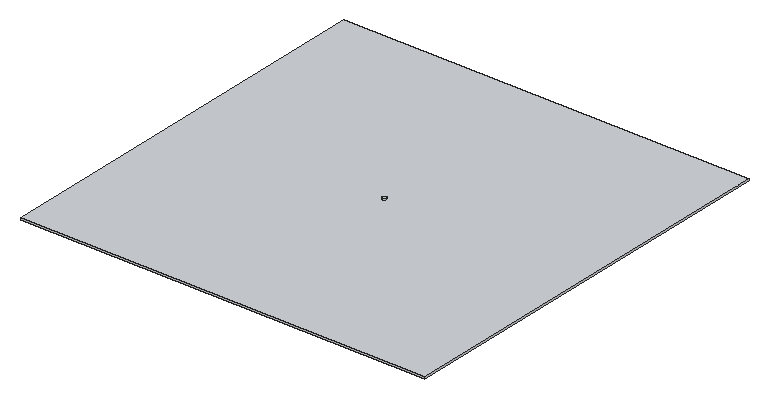
Revit family "GPC-CWFU", category Plumbing Equipment, host Face, Revit 2025
Family settings
  Host = Face
  Round Connector Dimension = Use Radius
  Classification = None
  Part Type = Normal
  OmniClass Number = 23.45.05.21.11.11
  OmniClass Title = Water Operated Water Closets
  Cut with Voids When Loaded = No
  Maintain Annotation Orientation = No
  Shared = No
  Room Calculation Point = No
Parameters (values of type "6 UDG")
  WFU = 3
  HWFU = 0
  Flow Pressure [instance] = 25.00 psi
  Cold Water Diameter [instance] = Cold Water Radius * 2  # 1"
  Cold Water Radius = 1/2"
  Pipe Material = none
  Default Elevation = 1' - 5"
  CWFU = 6
  Assembly Code = ""
Types (12): name | WFU | CWFU
  6 UDG | 3 | 6
  10 UDG | 4 | 10
  3 UDG | 3 | 3
  4.5 UDG | 3 | 4.5
  5 UDG | 3 | 5
  2 UDG | 3 | 2
  1 UDG | 3 | 1
  1.5 UDG | 3 | 1.5
  Public - 1.6 gpf | 4 | 10
  Private - 1.6 gpf | 3 | 6
  Private - Flushing Greater than 1.6 gpf | 4 | 6
  Public - Flushing Greater than 1.6 gpf | 6 | 10
Reference planes (in)
  plane 1 "Center (Front/Back)": y = 0
  plane 2: z = 0
  plane 3 "Center (Left/Right)": x = 0
Forms (in)
  Extrusion 1, solid
    sketch origin (0, 0, 0) x (1, 0, 0) y (0, 1, 0)
      loop
        line (-48, 48) -> (-48, -48) -> (48, -48) -> (48, 48) -> (-48, 48)
    from 0 to -0.39453
  Extrusion 2, solid, material <- "Pipe Material"
    sketch origin (15.94107, -25.42564, 0) x (0, 1, 0) y (-1, 0, 0)
      loop
        circle (25.42564, 15.94107) r 0.5
    from 0.11719 to 0
Lines and regions (in)
  reference lines
    curve 1: line (2.5, -7.75857, 0) -> (-2.5, -7.75857, 0)
    curve 2: line (0, -12.25857, 0) -> (0, 2.24143, 0)
Dimensions and locks (in)
  plane 1 "Center (Front/Back)" to Extrusion 2 = 0' - 0"
  "Cold Water Radius": radius of Extrusion 2 sketch curve
  aligned and locked: plane 2 to Extrusion 1
  aligned and locked: level to Extrusion 1
Automatic sketch dimensions
  Extrusion 1 sketch curve to Extrusion 1 sketch curve = 8' - 0"  (x2)
  curve 2 to plane 3 "Center (Left/Right)" = 0' - 0"
  plane 1 "Center (Front/Back)" to curve 2 = 1' - 0.25857"
  curve 1 to plane 3 "Center (Left/Right)" = 0' - 2 1/2"
  curve 2 to curve 1 = 0' - 4 1/2"
  curve 2 to plane 1 "Center (Front/Back)" = 0' - 2.24143"
  plane 3 "Center (Left/Right)" to curve 1 = 0' - 2 1/2"
  plane 1 "Center (Front/Back)" to Extrusion 2 sketch curve = 0' - 0"
  Extrusion 2 sketch curve to plane 3 "Center (Left/Right)" = 0' - 0"
Connectors (in)
  piping at (0, 0, 0), diameter 1, driven by "CWFU", driven by "Cold Water Radius", driven by "Flow Pressure"
    settings: on Extrusion 2, index 1, connector inside diameter 1", connector length 0' - 0", flow factor 0, pipe flow 0 GPM, pressure drop 25.00 psi, fitting loss kfactor 0, connector angle 0.00°, fixture units 6, engagement length 0' - 0", angle of deflection 0.00°, flow configuration 3, flow direction 1, fitting loss method 4, system type 20, joint type 0, gender type 0, connector reference index -1, connector utility 0, adjustable connector no, is connector primary yes, connector description "In"
